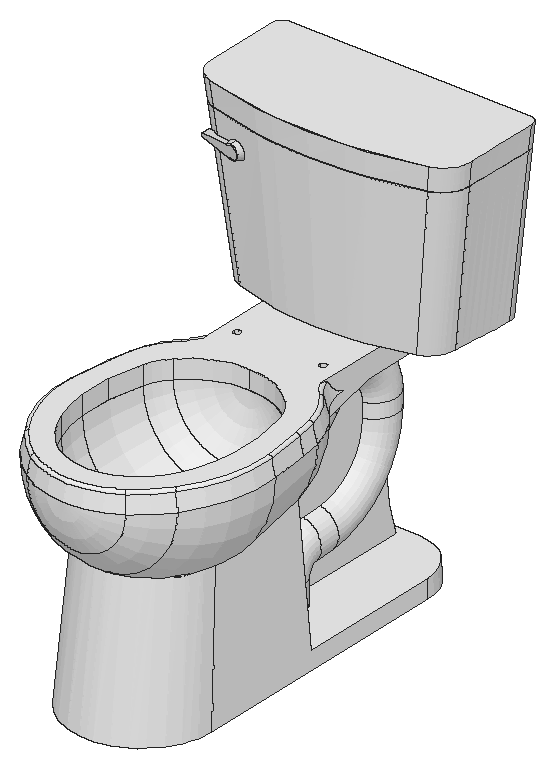
Revit family "Plumbing-Pressure-Assist-Water-Closet-Sloan-Valve-WETS-80298018z", category Plumbing Fixtures, host Face, Revit 2021
Family settings
  Host = Face
  Round Connector Dimension = Use Diameter
  Part Type = Normal
  OmniClass Number = 23.45.05.21.11.11
  OmniClass Title = Water Operated Water Closets
  Cut with Voids When Loaded = No
  Shared = No
  Room Calculation Point = No
Parameters (values of type "WETS-8029.8018-STG")
  Width = 18 1/4"  # constant formula
  Water Closet Code = "2178029"
  Valve Pressure Drop = 0.00 psi
  Tank Code = "2108018"
  Sanitary Drain Connector Description = "Sanitary Drain Connector d2 1/8\""
  Sanitary Drain Connection Diameter = 2 1/8"  # constant formula
  Real Distance to Wall [instance] = if(Distance to Wall < 3/4", 3/4", Distance to Wall)  # 3/4"
  Waste Connection = yes
  WFU = 10
  Vent Connection = yes
  URL = "www.sloanvalve.com"
  Product data url = "https://bimobject.com/sloan_valve/product/pressure-assist-water-closets_sloan_wets-80298018"
  Product Material = Sloan Valve - Vitreous China - SloanTec Glaze White
  Product Guid = ""
  Part Number = "WETS-8029.8018-STG"
  Model = "WETS-8029.8018-STG"
  Minimum Static Pressure = "20 PSI (138 kPa)"  # constant formula
  Maximum Static Pressure = "80 PSI (552 kPa)"  # constant formula
  Manufacturer = "Sloan Valve"  # constant formula
  Keynote = "15410"
  Height = 29 5/8"  # constant formula
  HWFU = 0
  HW Connection = yes
  Flush Rate = "0.75 gpf (2.84 Lpf)"
  Depth = 30 3/8"  # constant formula
  Cold Water Connector Description = "Cold Water Connector d1/2\""
  Cold Water Connection Diameter = 1/2"  # constant formula
  Edition number = 1
  Distance to Wall [instance] = 3/4"
  Description = "Floor-Mounted 0.75 gpf (2.84 Lpf) ADA 12\" Rough-in Pressure-Assisted/Tank Toilet with SloanTec® Glaze."
  Default Elevation = 0"
  CWFU = 10
  CW Connection = yes
  Assembly Code = "D2010"
  ADA Compliant [instance] = 1 = 1  # yes
Reference planes
  plane 1 "Center (Front/Back)": y = 0
  plane 2: z = 0
  plane 3 "Center (Left/Right)": x = 0
  plane 4: x = -201.612
  plane 5: x = 201.613
  plane 6: y = -762.786
  plane 7: y = -19.05
  plane 8: x = -201.612
  plane 9: x = 201.613
  plane 10: y = -762.786
  plane 11: y = -19.05
Forms (mm)
  Blend 1, solid, material "Sloan Valve - Vitreous China - SloanTec Glaze White" <- "Product Material"
    base sketch origin (0, 0, 38.1) x (1, 0, 0) y (0, 1, 0)
      loop
        arc (-34.925, -45.045) -> (-97.787, -71.084) -> (-123.825, -133.945) r 88.9
        line (-123.825, -133.945) -> (-123.825, -615.95)
        arc (-123.825, -615.95) -> (0, -739.775) -> (123.825, -615.95) r 123.825
        line (123.825, -615.95) -> (123.825, -133.945)
        arc (123.825, -133.945) -> (97.787, -71.084) -> (34.925, -45.045) r 88.9
        line (34.925, -45.045) -> (-34.925, -45.045)
    top sketch origin (0, 0, 38.1) x (1, 0, 0) y (0, 1, 0)
      loop
        arc (-109.537, -584.301) -> (0, -693.838) -> (109.537, -584.301) r 109.537
        line (109.537, -584.301) -> (109.537, -133.945)
        arc (109.537, -133.945) -> (83.499, -71.084) -> (20.637, -45.045) r 88.9
        line (20.637, -45.045) -> (-20.637, -45.045)
        arc (-20.637, -45.045) -> (-83.499, -71.084) -> (-109.537, -133.945) r 88.9
        line (-109.537, -133.945) -> (-109.537, -584.301)
    from -38.1 to 312.058
  Extrusion 2, solid, material "Sloan Valve - Vitreous China - SloanTec Glaze White" <- "Product Material"
    sketch origin (0, 0, 12.7) x (0, 1, 0) y (0, 0, 1)
      loop
        line (-369.05, 348.14) -> (-241.882, 379.846) -> (-70.211, 379.846) -> (-64.931, 440.2) -> (-185.947, 440.2)
        arc (-185.947, 440.2) -> (-192.127, 425.28) -> (-207.047, 419.1) r 21.1
        line (-207.047, 419.1) -> (-369.05, 419.1) -> (-369.05, 348.14)
    from -104.047 to 104.047
  Sweep 3, solid, material "Sloan Valve - Vitreous China - SloanTec Glaze White" <- "Product Material"
    path origin (0, 0, 38.1) x (0, 1, 0) y (0, 0, 1)
      loop
        line (-304.8, -38.1) -> (-304.8, 30.289)
        arc (-304.8, 30.289) -> (-293.174, 59.429) -> (-264.682, 72.564) r 42.333
        line (-264.682, 72.564) -> (-226.487, 74.566)
        arc (-226.487, 74.566) -> (-134.627, 116.914) -> (-97.145, 210.864) r 136.485
        line (-97.145, 210.864) -> (-97.145, 236.948)
        arc (-97.145, 236.948) -> (-144.28, 307.387) -> (-227.373, 290.682) r 76.2
        arc (-227.373, 290.682) -> (-233.15, 284.615) -> (-238.657, 278.301) r 192.236
        arc (-238.657, 278.301) -> (-334.604, 206.706) -> (-452.54, 186.145) r 257.901
    profile origin (0, -304.8, 34.195) x (0, -1, 0) y (1, 0, 0)
      loop
        circle (0, 0) r 38.1
  Extrusion 4, solid, material "Sloan Valve - Vitreous China - SloanTec Glaze White" <- "Product Material"
    sketch origin (22.443, 0, 38.1) x (0, 1, 0) y (0, 0, 1)
      loop
        line (-68.2, 389.4) -> (-235.377, 389.4) -> (-261.569, 382.87) -> (-496.95, 175.082) -> (-480.799, -9.525) -> (-58.189, -9.525)
        arc (-58.189, -9.525) -> (-82.15, 106.794) -> (-68.088, 224.72) r 370.607
        arc (-68.088, 224.72) -> (-59.936, 265.377) -> (-58.507, 306.818) r 254
        arc (-58.507, 306.818) -> (-61.916, 348.278) -> (-68.2, 389.4) r 598.021
    from -28.793 to -16.093
  Extrusion 5, solid, not visible
    sketch origin (0, 0, 0) x (1, 0, 0) y (0, 0, 1)
      loop
        circle (-152.4, 254) r 6.35
    from 0 to 0.794
  Blend 6, solid, material "Sloan Valve - Vitreous China - SloanTec Glaze White" <- "Product Material"
    base sketch origin (0, 0.822, 430.81) x (1, 0, 0) y (0, 1, 0)
      loop
        line (-196.16, -48.519) -> (-186.739, -156.202)
        arc (-186.739, -156.202) -> (-176.518, -182.59) -> (-153.766, -199.416) r 50.8
        arc (-153.766, -199.416) -> (0, -226.96) -> (153.766, -199.416) r 442.975
        arc (153.766, -199.416) -> (176.518, -182.59) -> (186.739, -156.202) r 50.8
        line (186.739, -156.202) -> (196.16, -48.519)
        arc (196.16, -48.519) -> (191.227, -33.989) -> (177.182, -27.809) r 19.05
        line (177.182, -27.809) -> (-177.182, -27.809)
        arc (-177.182, -27.809) -> (-191.227, -33.989) -> (-196.16, -48.519) r 19.05
    top sketch origin (0, 0.822, 430.81) x (1, 0, 0) y (0, 1, 0)
      loop
        arc (-212.725, -19.872) -> (-226.195, -25.451) -> (-231.775, -38.922) r 19.05
        line (-231.775, -38.922) -> (-231.775, -172.47)
        arc (-231.775, -172.47) -> (-221.507, -203.094) -> (-194.854, -221.338) r 50.8
        arc (-194.854, -221.338) -> (0, -248.472) -> (194.854, -221.338) r 713.209
        arc (194.854, -221.338) -> (221.507, -203.094) -> (231.775, -172.47) r 50.8
        line (231.775, -172.47) -> (231.775, -38.922)
        arc (231.775, -38.922) -> (226.195, -25.451) -> (212.725, -19.872) r 19.05
        line (212.725, -19.872) -> (-212.725, -19.872)
    from -37.11 to 321.665
  Extrusion 7, solid, material "Sloan Valve - Finish - Polished Chrome"
    sketch origin (-20.292, -269.587, 924.407) x (-0.97881, 0.203994, 0.017847) y (0, 0.087156, -0.996195)
      loop
        line (127, 257.261) -> (188.747, 261.579)
        arc (188.747, 261.579) -> (192.467, 265.466) -> (188.955, 269.542) r 4.001
        line (188.955, 269.542) -> (127, 277.149) -> (127, 257.261)
    from 0 to 12.7
  Revolve 8, solid, material "Sloan Valve - Finish - Polished Chrome"
    sketch origin (-369.854, -1316.287, 832.833) x (-0.204773, -0.975085, -0.085309) y (0, 0.087156, -0.996195)
      loop
        line (-1100.014, 265.639) -> (-1087.314, 265.639) -> (-1087.314, 277.803) -> (-1087.756, 278.482) -> (-1100.014, 282.465) -> (-1100.014, 265.639)
      axis (-1100.014, 265.639) -> (-1087.314, 265.639)
    angle from 0 to 360
  Revolve 9, solid, material "Sloan Valve - Vitreous China - SloanTec Glaze White" <- "Product Material"
    sketch origin (0, -107.509, 398.463) x (1, 0, 0) y (0, 1, 0)
      loop
        line (0, -683.066) -> (0, -633.619)
        arc (0, -633.619) -> (-54.455, -620.155) -> (-96.361, -582.866) r 116.854
        arc (-96.361, -582.866) -> (-108.844, -562.27) -> (-118.928, -540.399) r 213.603
        arc (-118.928, -540.399) -> (-129.044, -507.813) -> (-134.203, -474.085) r 228.843
        arc (-134.203, -474.085) -> (-133.643, -413.542) -> (-122.68, -353.997) r 350.763
        arc (-122.68, -353.997) -> (-114.097, -332.991) -> (-100.788, -314.61) r 95.25
        arc (-100.788, -314.61) -> (-55.004, -282.028) -> (0, -270.524) r 137.251
        line (0, -270.524) -> (0, -209.239)
        arc (0, -209.239) -> (-18.194, -209.694) -> (-36.342, -211.057) r 364.157
        arc (-36.342, -211.057) -> (-122.715, -249.087) -> (-170.133, -330.684) r 152.4
        arc (-170.133, -330.684) -> (-180.229, -386.679) -> (-186.583, -443.221) r 855.912
        arc (-186.583, -443.221) -> (-178.018, -528.288) -> (-140.189, -604.962) r 240.102
        arc (-140.189, -604.962) -> (-116.352, -632.223) -> (-88.426, -655.277) r 223.457
        arc (-88.426, -655.277) -> (-46.345, -675.956) -> (0, -683.066) r 154.581
      axis (0, -209.239) -> (0, -683.066)
    angle from 0 to 180
  Extrusion 10, solid, material "Sloan Valve - Vitreous China - SloanTec Glaze White" <- "Product Material"
    sketch origin (0, -122.297, 36.415) x (1, 0, 0) y (0, 0, 1)
      loop
        arc (57.698, 221.011) -> (0.981, 212.195) -> (-56.307, 215.748) r 266.082
        line (-56.307, 215.748) -> (-39.243, 151.174)
        arc (-39.243, 151.174) -> (0, 120.954) -> (39.243, 151.174) r 40.59
        line (39.243, 151.174) -> (57.698, 221.011)
    from 346.299 to 429.496
  Blend 11, solid, material "Sloan Valve - Vitreous China - SloanTec Glaze White" <- "Product Material"
    base sketch origin (0, -108.545, 413.2) x (1, 0, 0) y (0, 0, 1)
      loop
        line (25.325, -14.42) -> (-25.325, -14.42) -> (-25.325, -20.654)
        arc (-25.325, -20.654) -> (0, -45.979) -> (25.325, -20.654) r 25.325
        line (25.325, -20.654) -> (25.325, -14.42)
    top sketch origin (0, -108.545, 413.2) x (1, 0, 0) y (0, 0, 1)
      loop
        line (46.038, -14.42) -> (-46.037, -14.42) -> (-46.037, -23.887)
        arc (-46.037, -23.887) -> (0, -69.925) -> (46.038, -23.887) r 46.037
        line (46.038, -23.887) -> (46.038, -14.42)
    from 129.035 to 108.105
  Blend 12, solid, material "Sloan Valve - Vitreous China - SloanTec Glaze White" <- "Product Material"
    base sketch origin (0, -108.545, 413.2) x (1, 0, 0) y (0, 0, 1)
      loop
        line (46.038, -14.42) -> (-46.037, -14.42) -> (-46.037, -23.887)
        arc (-46.037, -23.887) -> (0, -69.925) -> (46.038, -23.887) r 46.037
        line (46.038, -23.887) -> (46.038, -14.42)
    top sketch origin (0, -108.545, 413.2) x (1, 0, 0) y (0, 0, 1)
      loop
        line (46.038, -14.42) -> (-46.037, -14.42) -> (-46.037, -43.731)
        arc (-46.037, -43.731) -> (0, -89.769) -> (46.038, -43.731) r 46.038
        line (46.038, -43.731) -> (46.038, -14.42)
    from 108.105 to 38.1
  Sweep 13, solid, material "Sloan Valve - Vitreous China - SloanTec Glaze White" <- "Product Material"
    path origin (0, -122.297, 38.1) x (0, 1, 0) y (0, 0, 1)
      loop
        arc (-352.549, 201.173) -> (-327.484, 201.16) -> (-302.744, 205.182) r 155.194
        arc (-302.744, 205.182) -> (-278.132, 217.142) -> (-260.549, 238.11) r 65.532
        arc (-260.549, 238.11) -> (-246.125, 268.805) -> (-234.718, 300.744) r 352.298
        arc (-234.718, 300.744) -> (-234.446, 301.431) -> (-234.066, 302.064) r 4.499
        arc (-234.066, 302.064) -> (-210.936, 321.963) -> (-181.277, 329.121) r 65.024
        line (-181.277, 329.121) -> (-115.283, 329.121)
    profile origin (0, -270.577, 367.221) x (0, 0, 1) y (1, 0, 0)
      loop
        line (25.325, -25.325) -> (25.325, 25.325)
        arc (25.325, 25.325) -> (0, 0) -> (25.325, -25.325) r 25.325
  Sweep 14, solid, material "Sloan Valve - Vitreous China - SloanTec Glaze White" <- "Product Material"
    path origin (0, 0, 38.1) x (1, 0, 0) y (0, 1, 0)
      loop
        line (-104.047, -185.947) -> (-104.047, -295.646)
        arc (-104.047, -295.646) -> (-111.251, -333.222) -> (-131.841, -365.47) r 101.6
        arc (-131.841, -365.47) -> (-155.982, -399.201) -> (-170.133, -438.192) r 152.4
        arc (-170.133, -438.192) -> (-174.125, -457.895) -> (-177.652, -477.686) r 855.912
        arc (-177.652, -477.686) -> (-182.903, -514.112) -> (-186.583, -550.729) r 855.912
        arc (-186.583, -550.729) -> (-178.018, -635.797) -> (-140.189, -712.47) r 240.102
        arc (-140.189, -712.47) -> (-116.352, -739.732) -> (-88.426, -762.786) r 223.457
        arc (-88.426, -762.786) -> (0, -790.575) -> (88.426, -762.786) r 154.581
        arc (88.426, -762.786) -> (116.352, -739.732) -> (140.189, -712.47) r 223.457
        arc (140.189, -712.47) -> (178.018, -635.797) -> (186.583, -550.729) r 240.102
        arc (186.583, -550.729) -> (182.903, -514.112) -> (177.652, -477.686) r 855.912
        arc (177.652, -477.686) -> (174.125, -457.895) -> (170.133, -438.192) r 855.912
        arc (170.133, -438.192) -> (155.982, -399.201) -> (131.841, -365.47) r 152.4
        arc (131.841, -365.47) -> (111.251, -333.222) -> (104.047, -295.646) r 101.6
        line (104.047, -295.646) -> (104.047, -185.947)
    profile origin (0, -790.575, 38.1) x (0, 1, 0) y (0, 0, 1)
      loop
        line (0, 360.362) -> (18.191, 360.362) -> (18.191, 393.7) -> (12.748, 393.7)
        arc (12.748, 393.7) -> (8.795, 392.32) -> (6.56, 388.778) r 6.35
        line (6.56, 388.778) -> (0, 360.362)
  Extrusion 15, void
    sketch origin (0, 0, 38.1) x (1, 0, 0) y (0, 1, 0)
      loop
        arc (118.928, -647.907) -> (129.044, -615.321) -> (134.203, -581.593) r 228.843
        arc (134.203, -581.593) -> (135.243, -552.98) -> (133.946, -524.377) r 350.763
        arc (133.946, -524.377) -> (129.747, -492.684) -> (122.68, -461.506) r 350.763
        arc (122.68, -461.506) -> (114.097, -440.499) -> (100.788, -422.119) r 95.25
        arc (100.788, -422.119) -> (55.004, -389.536) -> (0, -378.032) r 137.251
        arc (0, -378.032) -> (-55.004, -389.536) -> (-100.788, -422.119) r 137.251
        arc (-100.788, -422.119) -> (-114.097, -440.499) -> (-122.68, -461.506) r 95.25
        arc (-122.68, -461.506) -> (-129.747, -492.684) -> (-133.946, -524.377) r 350.763
        arc (-133.946, -524.377) -> (-135.243, -552.98) -> (-134.203, -581.593) r 350.763
        arc (-134.203, -581.593) -> (-129.044, -615.321) -> (-118.928, -647.907) r 228.843
        arc (-118.928, -647.907) -> (-108.844, -669.778) -> (-96.361, -690.375) r 213.603
        arc (-96.361, -690.375) -> (-54.455, -727.664) -> (0, -741.127) r 116.854
        arc (0, -741.127) -> (54.455, -727.664) -> (96.361, -690.375) r 116.854
        arc (96.361, -690.375) -> (108.844, -669.778) -> (118.928, -647.907) r 213.603
    from 360.362 to 393.7
  Extrusion 16, solid, material "Sloan Valve - Vitreous China - SloanTec Glaze White" <- "Product Material"
    sketch origin (0, 0, 38.1) x (1, 0, 0) y (0, 1, 0)
      loop
        arc (-168.448, -552.159) -> (-160.532, -630.781) -> (-125.569, -701.646) r 221.912
        arc (-125.569, -701.646) -> (-103.673, -726.688) -> (-78.02, -747.865) r 205.266
        arc (-78.02, -747.865) -> (0, -772.384) -> (78.02, -747.865) r 136.39
        arc (78.02, -747.865) -> (103.673, -726.688) -> (125.569, -701.646) r 205.266
        arc (125.569, -701.646) -> (160.532, -630.781) -> (168.448, -552.159) r 221.912
        arc (168.448, -552.159) -> (164.847, -516.319) -> (159.708, -480.668) r 837.721
        arc (159.708, -480.668) -> (156.255, -461.297) -> (152.348, -442.013) r 837.721
        arc (152.348, -442.013) -> (139.886, -407.676) -> (118.627, -377.971) r 134.209
        arc (118.627, -377.971) -> (110.867, -368.903) -> (104.047, -359.107) r 119.791
        line (104.047, -359.107) -> (104.047, -369.05) -> (-104.047, -369.05) -> (-104.047, -359.107)
        arc (-104.047, -359.107) -> (-110.867, -368.903) -> (-118.627, -377.971) r 119.791
        arc (-118.627, -377.971) -> (-139.886, -407.676) -> (-152.348, -442.013) r 134.209
        arc (-152.348, -442.013) -> (-156.255, -461.297) -> (-159.708, -480.668) r 837.721
        arc (-159.708, -480.668) -> (-164.847, -516.319) -> (-168.448, -552.159) r 837.721
    from 360.362 to 393.7
  Extrusion 17, void
    sketch origin (0, 0, 38.1) x (0, 1, 0) y (0, 0, 1)
      loop
        line (-419.1, 368.114) -> (-392.915, -6.35) -> (-10.202, -6.35) -> (-10.202, 368.114) -> (-419.1, 368.114)
    from -219.74 to 304.8
  Revolve 18, void
    sketch origin (0, -107.509, 398.463) x (1, 0, 0) y (0, 1, 0)
      loop
        line (0, -639.969) -> (0, -264.174)
        arc (0, -264.174) -> (-57.549, -276.21) -> (-105.451, -310.3) r 143.601
        arc (-105.451, -310.3) -> (-119.647, -329.906) -> (-128.802, -352.313) r 101.6
        arc (-128.802, -352.313) -> (-139.964, -412.935) -> (-140.534, -474.574) r 357.113
        arc (-140.534, -474.574) -> (-135.232, -509.238) -> (-124.835, -542.728) r 235.193
        arc (-124.835, -542.728) -> (-114.451, -565.249) -> (-101.598, -586.458) r 219.953
        arc (-101.598, -586.458) -> (-57.414, -625.773) -> (0, -639.969) r 123.204
      axis (0, -264.174) -> (0, -639.969)
    angle from 0 to 180
  Extrusion 19, void
    sketch origin (0, 0, 38.1) x (1, 0, 0) y (0, 1, 0)
      loop
        circle (-76.2, -307.975) r 6.35
      loop
        circle (76.2, -307.975) r 6.35
    from 341.312 to 499.954
  Extrusion 20, void
    sketch origin (0, 0, 31.75) x (1, 0, 0) y (0, 1, 0)
      loop
        arc (-212.725, -19.05) -> (-226.195, -24.63) -> (-231.775, -38.1) r 19.05
        line (-231.775, -38.1) -> (-231.775, -171.649)
        arc (-231.775, -171.649) -> (-221.507, -202.272) -> (-194.854, -220.516) r 50.8
        arc (-194.854, -220.516) -> (0, -247.65) -> (194.854, -220.516) r 713.209
        arc (194.854, -220.516) -> (221.507, -202.272) -> (231.775, -171.649) r 50.8
        line (231.775, -171.649) -> (231.775, -38.1)
        arc (231.775, -38.1) -> (226.195, -24.63) -> (212.725, -19.05) r 19.05
        line (212.725, -19.05) -> (-212.725, -19.05)
      loop
        line (-225.425, -38.1) -> (-225.425, -171.649)
        arc (-225.425, -171.649) -> (-216.441, -198.444) -> (-193.119, -214.408) r 44.45
        arc (-193.119, -214.408) -> (0, -241.3) -> (193.119, -214.408) r 706.859
        arc (193.119, -214.408) -> (216.441, -198.444) -> (225.425, -171.649) r 44.45
        line (225.425, -171.649) -> (225.425, -38.1)
        arc (225.425, -38.1) -> (221.705, -29.12) -> (212.725, -25.4) r 12.7
        line (212.725, -25.4) -> (-212.725, -25.4)
        arc (-212.725, -25.4) -> (-221.705, -29.12) -> (-225.425, -38.1) r 12.7
    from 678.093 to 679.681
  Extrusion 21, void
    sketch origin (0, 0, 0) x (0, 1, 0) y (0, 0, 1)
      loop
        line (-292.887, 431.8) -> (-292.887, 381) -> (-19.05, 381) -> (-19.05, 431.8) -> (-292.887, 431.8)
    from -208.495 to 212.28
  Blend 22, solid, material "Sloan Valve - Vitreous China - SloanTec Glaze White" <- "Product Material", not visible
    base sketch origin (0, 0, 38.1) x (1, 0, 0) y (0, 1, 0)
      loop
        arc (-34.925, -45.045) -> (-97.787, -71.084) -> (-123.825, -133.945) r 88.9
        line (-123.825, -133.945) -> (-123.825, -615.95)
        arc (-123.825, -615.95) -> (0, -739.775) -> (123.825, -615.95) r 123.825
        line (123.825, -615.95) -> (123.825, -133.945)
        arc (123.825, -133.945) -> (97.787, -71.084) -> (34.925, -45.045) r 88.9
        line (34.925, -45.045) -> (-34.925, -45.045)
    top sketch origin (0, 0, 38.1) x (1, 0, 0) y (0, 1, 0)
      loop
        arc (-109.537, -584.301) -> (0, -693.838) -> (109.537, -584.301) r 109.537
        line (109.537, -584.301) -> (109.537, -133.945)
        arc (109.537, -133.945) -> (83.499, -71.084) -> (20.637, -45.045) r 88.9
        line (20.637, -45.045) -> (-20.637, -45.045)
        arc (-20.637, -45.045) -> (-83.499, -71.084) -> (-109.537, -133.945) r 88.9
        line (-109.537, -133.945) -> (-109.537, -584.301)
    from -38.1 to 312.058
  Extrusion 23, solid, material "Sloan Valve - Vitreous China - SloanTec Glaze White" <- "Product Material", not visible
    sketch origin (0, 0, 12.7) x (0, 1, 0) y (0, 0, 1)
      loop
        line (-369.05, 348.14) -> (-241.882, 379.846) -> (-70.211, 379.846) -> (-64.931, 440.2) -> (-185.947, 440.2)
        arc (-185.947, 440.2) -> (-192.127, 425.28) -> (-207.047, 419.1) r 21.1
        line (-207.047, 419.1) -> (-369.05, 419.1) -> (-369.05, 348.14)
    from -104.047 to 104.047
  Sweep 24, solid, material "Sloan Valve - Vitreous China - SloanTec Glaze White" <- "Product Material", not visible
    path origin (0, 0, 38.1) x (0, 1, 0) y (0, 0, 1)
      loop
        line (-304.8, -38.1) -> (-304.8, 30.289)
        arc (-304.8, 30.289) -> (-293.174, 59.429) -> (-264.682, 72.564) r 42.333
        line (-264.682, 72.564) -> (-226.487, 74.566)
        arc (-226.487, 74.566) -> (-134.627, 116.914) -> (-97.145, 210.864) r 136.485
        line (-97.145, 210.864) -> (-97.145, 236.948)
        arc (-97.145, 236.948) -> (-144.28, 307.387) -> (-227.373, 290.682) r 76.2
        arc (-227.373, 290.682) -> (-233.15, 284.615) -> (-238.657, 278.301) r 192.236
        arc (-238.657, 278.301) -> (-334.604, 206.706) -> (-452.54, 186.145) r 257.901
    profile origin (0, -304.8, 34.195) x (0, -1, 0) y (1, 0, 0)
      loop
        circle (0, 0) r 38.1
  Extrusion 25, solid, material "Sloan Valve - Vitreous China - SloanTec Glaze White" <- "Product Material", not visible
    sketch origin (22.443, 0, 38.1) x (0, 1, 0) y (0, 0, 1)
      loop
        line (-68.2, 389.4) -> (-235.377, 389.4) -> (-261.569, 382.87) -> (-496.95, 175.082) -> (-480.799, -9.525) -> (-58.189, -9.525)
        arc (-58.189, -9.525) -> (-82.15, 106.794) -> (-68.088, 224.72) r 370.607
        arc (-68.088, 224.72) -> (-59.936, 265.377) -> (-58.507, 306.818) r 254
        arc (-58.507, 306.818) -> (-61.916, 348.278) -> (-68.2, 389.4) r 598.021
    from -28.793 to -16.093
  Blend 26, solid, material "Sloan Valve - Vitreous China - SloanTec Glaze White" <- "Product Material", not visible
    base sketch origin (0, 0.822, 430.81) x (1, 0, 0) y (0, 1, 0)
      loop
        line (-196.16, -48.519) -> (-186.739, -156.202)
        arc (-186.739, -156.202) -> (-176.518, -182.59) -> (-153.766, -199.416) r 50.8
        arc (-153.766, -199.416) -> (0, -226.96) -> (153.766, -199.416) r 442.975
        arc (153.766, -199.416) -> (176.518, -182.59) -> (186.739, -156.202) r 50.8
        line (186.739, -156.202) -> (196.16, -48.519)
        arc (196.16, -48.519) -> (191.227, -33.989) -> (177.182, -27.809) r 19.05
        line (177.182, -27.809) -> (-177.182, -27.809)
        arc (-177.182, -27.809) -> (-191.227, -33.989) -> (-196.16, -48.519) r 19.05
    top sketch origin (0, 0.822, 430.81) x (1, 0, 0) y (0, 1, 0)
      loop
        arc (-212.725, -19.872) -> (-226.195, -25.451) -> (-231.775, -38.922) r 19.05
        line (-231.775, -38.922) -> (-231.775, -172.47)
        arc (-231.775, -172.47) -> (-221.507, -203.094) -> (-194.854, -221.338) r 50.8
        arc (-194.854, -221.338) -> (0, -248.472) -> (194.854, -221.338) r 713.209
        arc (194.854, -221.338) -> (221.507, -203.094) -> (231.775, -172.47) r 50.8
        line (231.775, -172.47) -> (231.775, -38.922)
        arc (231.775, -38.922) -> (226.195, -25.451) -> (212.725, -19.872) r 19.05
        line (212.725, -19.872) -> (-212.725, -19.872)
    from -37.11 to 321.665
  Extrusion 27, solid, material "Sloan Valve - Finish - Polished Chrome", not visible
    sketch origin (-20.292, -269.587, 924.407) x (-0.97881, 0.203994, 0.017847) y (0, 0.087156, -0.996195)
      loop
        line (127, 257.261) -> (188.747, 261.579)
        arc (188.747, 261.579) -> (192.467, 265.466) -> (188.955, 269.542) r 4.001
        line (188.955, 269.542) -> (127, 277.149) -> (127, 257.261)
    from 0 to 12.7
  Revolve 28, solid, material "Sloan Valve - Finish - Polished Chrome", not visible
    sketch origin (-369.854, -1316.287, 832.833) x (-0.204773, -0.975085, -0.085309) y (0, 0.087156, -0.996195)
      loop
        line (-1100.014, 265.639) -> (-1087.314, 265.639) -> (-1087.314, 277.803) -> (-1087.756, 278.482) -> (-1100.014, 282.465) -> (-1100.014, 265.639)
      axis (-1100.014, 265.639) -> (-1087.314, 265.639)
    angle from 0 to 360
  Revolve 29, solid, material "Sloan Valve - Vitreous China - SloanTec Glaze White" <- "Product Material", not visible
    sketch origin (0, -107.509, 398.463) x (1, 0, 0) y (0, 1, 0)
      loop
        line (0, -683.066) -> (0, -633.619)
        arc (0, -633.619) -> (-54.455, -620.155) -> (-96.361, -582.866) r 116.854
        arc (-96.361, -582.866) -> (-108.844, -562.27) -> (-118.928, -540.399) r 213.603
        arc (-118.928, -540.399) -> (-129.044, -507.813) -> (-134.203, -474.085) r 228.843
        arc (-134.203, -474.085) -> (-133.643, -413.542) -> (-122.68, -353.997) r 350.763
        arc (-122.68, -353.997) -> (-114.097, -332.991) -> (-100.788, -314.61) r 95.25
        arc (-100.788, -314.61) -> (-55.004, -282.028) -> (0, -270.524) r 137.251
        line (0, -270.524) -> (0, -209.239)
        arc (0, -209.239) -> (-18.194, -209.694) -> (-36.342, -211.057) r 364.157
        arc (-36.342, -211.057) -> (-122.715, -249.087) -> (-170.133, -330.684) r 152.4
        arc (-170.133, -330.684) -> (-180.229, -386.679) -> (-186.583, -443.221) r 855.912
        arc (-186.583, -443.221) -> (-178.018, -528.288) -> (-140.189, -604.962) r 240.102
        arc (-140.189, -604.962) -> (-116.352, -632.223) -> (-88.426, -655.277) r 223.457
        arc (-88.426, -655.277) -> (-46.345, -675.956) -> (0, -683.066) r 154.581
      axis (0, -209.239) -> (0, -683.066)
    angle from 0 to 180
  Extrusion 30, solid, material "Sloan Valve - Vitreous China - SloanTec Glaze White" <- "Product Material", not visible
    sketch origin (0, -122.297, 36.415) x (1, 0, 0) y (0, 0, 1)
      loop
        arc (57.698, 221.011) -> (0.981, 212.195) -> (-56.307, 215.748) r 266.082
        line (-56.307, 215.748) -> (-39.243, 151.174)
        arc (-39.243, 151.174) -> (0, 120.954) -> (39.243, 151.174) r 40.59
        line (39.243, 151.174) -> (57.698, 221.011)
    from 346.299 to 429.496
  Blend 31, solid, material "Sloan Valve - Vitreous China - SloanTec Glaze White" <- "Product Material", not visible
    base sketch origin (0, -108.545, 413.2) x (1, 0, 0) y (0, 0, 1)
      loop
        line (25.325, -14.42) -> (-25.325, -14.42) -> (-25.325, -20.654)
        arc (-25.325, -20.654) -> (0, -45.979) -> (25.325, -20.654) r 25.325
        line (25.325, -20.654) -> (25.325, -14.42)
    top sketch origin (0, -108.545, 413.2) x (1, 0, 0) y (0, 0, 1)
      loop
        line (46.038, -14.42) -> (-46.037, -14.42) -> (-46.037, -23.887)
        arc (-46.037, -23.887) -> (0, -69.925) -> (46.038, -23.887) r 46.037
        line (46.038, -23.887) -> (46.038, -14.42)
    from 129.035 to 108.105
  Blend 32, solid, material "Sloan Valve - Vitreous China - SloanTec Glaze White" <- "Product Material", not visible
    base sketch origin (0, -108.545, 413.2) x (1, 0, 0) y (0, 0, 1)
      loop
        line (46.038, -14.42) -> (-46.037, -14.42) -> (-46.037, -23.887)
        arc (-46.037, -23.887) -> (0, -69.925) -> (46.038, -23.887) r 46.037
        line (46.038, -23.887) -> (46.038, -14.42)
    top sketch origin (0, -108.545, 413.2) x (1, 0, 0) y (0, 0, 1)
      loop
        line (46.038, -14.42) -> (-46.037, -14.42) -> (-46.037, -43.731)
        arc (-46.037, -43.731) -> (0, -89.769) -> (46.038, -43.731) r 46.038
        line (46.038, -43.731) -> (46.038, -14.42)
    from 108.105 to 38.1
  Sweep 33, solid, material "Sloan Valve - Vitreous China - SloanTec Glaze White" <- "Product Material", not visible
    path origin (0, -122.297, 38.1) x (0, 1, 0) y (0, 0, 1)
      loop
        arc (-352.549, 201.173) -> (-327.484, 201.16) -> (-302.744, 205.182) r 155.194
        arc (-302.744, 205.182) -> (-278.132, 217.142) -> (-260.549, 238.11) r 65.532
        arc (-260.549, 238.11) -> (-246.125, 268.805) -> (-234.718, 300.744) r 352.298
        arc (-234.718, 300.744) -> (-234.446, 301.431) -> (-234.066, 302.064) r 4.499
        arc (-234.066, 302.064) -> (-210.936, 321.963) -> (-181.277, 329.121) r 65.024
        line (-181.277, 329.121) -> (-115.283, 329.121)
    profile origin (0, -270.577, 367.221) x (0, 0, 1) y (1, 0, 0)
      loop
        line (25.325, -25.325) -> (25.325, 25.325)
        arc (25.325, 25.325) -> (0, 0) -> (25.325, -25.325) r 25.325
  Sweep 34, solid, material "Sloan Valve - Vitreous China - SloanTec Glaze White" <- "Product Material", not visible
    path origin (0, 0, 38.1) x (1, 0, 0) y (0, 1, 0)
      loop
        line (-104.047, -185.947) -> (-104.047, -295.646)
        arc (-104.047, -295.646) -> (-111.251, -333.222) -> (-131.841, -365.47) r 101.6
        arc (-131.841, -365.47) -> (-155.982, -399.201) -> (-170.133, -438.192) r 152.4
        arc (-170.133, -438.192) -> (-174.125, -457.895) -> (-177.652, -477.686) r 855.912
        arc (-177.652, -477.686) -> (-182.903, -514.112) -> (-186.583, -550.729) r 855.912
        arc (-186.583, -550.729) -> (-178.018, -635.797) -> (-140.189, -712.47) r 240.102
        arc (-140.189, -712.47) -> (-116.352, -739.732) -> (-88.426, -762.786) r 223.457
        arc (-88.426, -762.786) -> (0, -790.575) -> (88.426, -762.786) r 154.581
        arc (88.426, -762.786) -> (116.352, -739.732) -> (140.189, -712.47) r 223.457
        arc (140.189, -712.47) -> (178.018, -635.797) -> (186.583, -550.729) r 240.102
        arc (186.583, -550.729) -> (182.903, -514.112) -> (177.652, -477.686) r 855.912
        arc (177.652, -477.686) -> (174.125, -457.895) -> (170.133, -438.192) r 855.912
        arc (170.133, -438.192) -> (155.982, -399.201) -> (131.841, -365.47) r 152.4
        arc (131.841, -365.47) -> (111.251, -333.222) -> (104.047, -295.646) r 101.6
        line (104.047, -295.646) -> (104.047, -185.947)
    profile origin (0, -790.575, 38.1) x (0, 1, 0) y (0, 0, 1)
      loop
        line (0, 360.362) -> (18.191, 360.362) -> (18.191, 393.7) -> (12.748, 393.7)
        arc (12.748, 393.7) -> (8.795, 392.32) -> (6.56, 388.778) r 6.35
        line (6.56, 388.778) -> (0, 360.362)
  Extrusion 35, void, not visible
    sketch origin (0, 0, 38.1) x (1, 0, 0) y (0, 1, 0)
      loop
        arc (118.928, -647.907) -> (129.044, -615.321) -> (134.203, -581.593) r 228.843
        arc (134.203, -581.593) -> (135.243, -552.98) -> (133.946, -524.377) r 350.763
        arc (133.946, -524.377) -> (129.747, -492.684) -> (122.68, -461.506) r 350.763
        arc (122.68, -461.506) -> (114.097, -440.499) -> (100.788, -422.119) r 95.25
        arc (100.788, -422.119) -> (55.004, -389.536) -> (0, -378.032) r 137.251
        arc (0, -378.032) -> (-55.004, -389.536) -> (-100.788, -422.119) r 137.251
        arc (-100.788, -422.119) -> (-114.097, -440.499) -> (-122.68, -461.506) r 95.25
        arc (-122.68, -461.506) -> (-129.747, -492.684) -> (-133.946, -524.377) r 350.763
        arc (-133.946, -524.377) -> (-135.243, -552.98) -> (-134.203, -581.593) r 350.763
        arc (-134.203, -581.593) -> (-129.044, -615.321) -> (-118.928, -647.907) r 228.843
        arc (-118.928, -647.907) -> (-108.844, -669.778) -> (-96.361, -690.375) r 213.603
        arc (-96.361, -690.375) -> (-54.455, -727.664) -> (0, -741.127) r 116.854
        arc (0, -741.127) -> (54.455, -727.664) -> (96.361, -690.375) r 116.854
        arc (96.361, -690.375) -> (108.844, -669.778) -> (118.928, -647.907) r 213.603
    from 360.362 to 393.7
  Extrusion 36, solid, material "Sloan Valve - Vitreous China - SloanTec Glaze White" <- "Product Material", not visible
    sketch origin (0, 0, 38.1) x (1, 0, 0) y (0, 1, 0)
      loop
        arc (-168.448, -552.159) -> (-160.532, -630.781) -> (-125.569, -701.646) r 221.912
        arc (-125.569, -701.646) -> (-103.673, -726.688) -> (-78.02, -747.865) r 205.266
        arc (-78.02, -747.865) -> (0, -772.384) -> (78.02, -747.865) r 136.39
        arc (78.02, -747.865) -> (103.673, -726.688) -> (125.569, -701.646) r 205.266
        arc (125.569, -701.646) -> (160.532, -630.781) -> (168.448, -552.159) r 221.912
        arc (168.448, -552.159) -> (164.847, -516.319) -> (159.708, -480.668) r 837.721
        arc (159.708, -480.668) -> (156.255, -461.297) -> (152.348, -442.013) r 837.721
        arc (152.348, -442.013) -> (139.886, -407.676) -> (118.627, -377.971) r 134.209
        arc (118.627, -377.971) -> (110.867, -368.903) -> (104.047, -359.107) r 119.791
        line (104.047, -359.107) -> (104.047, -369.05) -> (-104.047, -369.05) -> (-104.047, -359.107)
        arc (-104.047, -359.107) -> (-110.867, -368.903) -> (-118.627, -377.971) r 119.791
        arc (-118.627, -377.971) -> (-139.886, -407.676) -> (-152.348, -442.013) r 134.209
        arc (-152.348, -442.013) -> (-156.255, -461.297) -> (-159.708, -480.668) r 837.721
        arc (-159.708, -480.668) -> (-164.847, -516.319) -> (-168.448, -552.159) r 837.721
    from 360.362 to 393.7
  Extrusion 37, void, not visible
    sketch origin (0, 0, 38.1) x (0, 1, 0) y (0, 0, 1)
      loop
        line (-419.1, 368.114) -> (-392.915, -6.35) -> (-10.202, -6.35) -> (-10.202, 368.114) -> (-419.1, 368.114)
    from -219.74 to 304.8
  Revolve 38, void, not visible
    sketch origin (0, -107.509, 398.463) x (1, 0, 0) y (0, 1, 0)
      loop
        line (0, -639.969) -> (0, -264.174)
        arc (0, -264.174) -> (-57.549, -276.21) -> (-105.451, -310.3) r 143.601
        arc (-105.451, -310.3) -> (-119.647, -329.906) -> (-128.802, -352.313) r 101.6
        arc (-128.802, -352.313) -> (-139.964, -412.935) -> (-140.534, -474.574) r 357.113
        arc (-140.534, -474.574) -> (-135.232, -509.238) -> (-124.835, -542.728) r 235.193
        arc (-124.835, -542.728) -> (-114.451, -565.249) -> (-101.598, -586.458) r 219.953
        arc (-101.598, -586.458) -> (-57.414, -625.773) -> (0, -639.969) r 123.204
      axis (0, -264.174) -> (0, -639.969)
    angle from 0 to 180
  Extrusion 39, void, not visible
    sketch origin (0, 0, 38.1) x (1, 0, 0) y (0, 1, 0)
      loop
        circle (-76.2, -307.975) r 6.35
      loop
        circle (76.2, -307.975) r 6.35
    from 341.312 to 499.954
  Extrusion 40, void, not visible
    sketch origin (0, 0, 31.75) x (1, 0, 0) y (0, 1, 0)
      loop
        arc (-212.725, -19.05) -> (-226.195, -24.63) -> (-231.775, -38.1) r 19.05
        line (-231.775, -38.1) -> (-231.775, -171.649)
        arc (-231.775, -171.649) -> (-221.507, -202.272) -> (-194.854, -220.516) r 50.8
        arc (-194.854, -220.516) -> (0, -247.65) -> (194.854, -220.516) r 713.209
        arc (194.854, -220.516) -> (221.507, -202.272) -> (231.775, -171.649) r 50.8
        line (231.775, -171.649) -> (231.775, -38.1)
        arc (231.775, -38.1) -> (226.195, -24.63) -> (212.725, -19.05) r 19.05
        line (212.725, -19.05) -> (-212.725, -19.05)
      loop
        line (-225.425, -38.1) -> (-225.425, -171.649)
        arc (-225.425, -171.649) -> (-216.441, -198.444) -> (-193.119, -214.408) r 44.45
        arc (-193.119, -214.408) -> (0, -241.3) -> (193.119, -214.408) r 706.859
        arc (193.119, -214.408) -> (216.441, -198.444) -> (225.425, -171.649) r 44.45
        line (225.425, -171.649) -> (225.425, -38.1)
        arc (225.425, -38.1) -> (221.705, -29.12) -> (212.725, -25.4) r 12.7
        line (212.725, -25.4) -> (-212.725, -25.4)
        arc (-212.725, -25.4) -> (-221.705, -29.12) -> (-225.425, -38.1) r 12.7
    from 678.093 to 679.681
  Extrusion 41, void, not visible
    sketch origin (0, 0, 0) x (0, 1, 0) y (0, 0, 1)
      loop
        line (-292.887, 431.8) -> (-292.887, 381) -> (-19.05, 381) -> (-19.05, 431.8) -> (-292.887, 431.8)
    from -208.495 to 212.28
Cuts and joins
  joined: Extrusion 7, Revolve 8
  Extrusion 20, Extrusion 21 cuts Blend 6
  Extrusion 19 cuts Extrusion 2
  Extrusion 15 cuts Extrusion 16
  joined: Extrusion 2, Sweep 14, Extrusion 16
  Extrusion 17, Revolve 18 cuts Blend 1
Lines and regions (mm)
  Masking region 1
    outline origin (0, 0, 0) x (1, 0, 0) y (0, 1, 0)
      loop
        line (212.725, -19.05) -> (-212.725, -19.05)
        arc (-212.725, -19.05) -> (-226.195, -24.63) -> (-231.775, -38.1) r 19.05
        line (-231.775, -38.1) -> (-231.775, -171.649)
        arc (-231.775, -171.649) -> (-221.507, -202.272) -> (-194.854, -220.516) r 50.8
        arc (-194.854, -220.516) -> (-159.548, -229.575) -> (-123.825, -236.819) r 713.209
        line (-123.825, -236.819) -> (-123.825, -355.877)
        arc (-123.825, -355.877) -> (-127.686, -360.797) -> (-131.841, -365.47) r 101.6
        arc (-131.841, -365.47) -> (-155.982, -399.201) -> (-170.133, -438.192) r 152.4
        arc (-170.133, -438.192) -> (-174.125, -457.895) -> (-177.652, -477.686) r 855.912
        arc (-177.652, -477.686) -> (-182.903, -514.112) -> (-186.583, -550.729) r 855.912
        arc (-186.583, -550.729) -> (-178.018, -635.797) -> (-140.189, -712.47) r 240.102
        arc (-140.189, -712.47) -> (-116.352, -739.732) -> (-88.426, -762.786) r 223.457
        arc (-88.426, -762.786) -> (0, -790.575) -> (88.426, -762.786) r 154.581
        arc (88.426, -762.786) -> (116.352, -739.732) -> (140.189, -712.47) r 223.457
        arc (140.189, -712.47) -> (178.018, -635.797) -> (186.583, -550.729) r 240.102
        arc (186.583, -550.729) -> (182.903, -514.112) -> (177.652, -477.686) r 855.912
        arc (177.652, -477.686) -> (174.125, -457.895) -> (170.133, -438.192) r 855.912
        arc (170.133, -438.192) -> (155.982, -399.201) -> (131.841, -365.47) r 152.4
        arc (131.841, -365.47) -> (127.686, -360.797) -> (123.825, -355.877) r 101.6
        line (123.825, -355.877) -> (123.825, -236.819)
        arc (123.825, -236.819) -> (159.548, -229.575) -> (194.854, -220.516) r 713.209
        arc (194.854, -220.516) -> (221.507, -202.272) -> (231.775, -171.649) r 50.8
        line (231.775, -171.649) -> (231.775, -38.1)
        arc (231.775, -38.1) -> (226.195, -24.63) -> (212.725, -19.05) r 19.05
  Masking region 2, not visible
    outline origin (0, 0, 0) x (1, 0, 0) y (0, 1, 0)
      loop
        line (212.725, -19.05) -> (-212.725, -19.05)
        arc (-212.725, -19.05) -> (-226.195, -24.63) -> (-231.775, -38.1) r 19.05
        line (-231.775, -38.1) -> (-231.775, -171.649)
        arc (-231.775, -171.649) -> (-221.507, -202.272) -> (-194.854, -220.516) r 50.8
        arc (-194.854, -220.516) -> (-159.548, -229.575) -> (-123.825, -236.819) r 713.209
        line (-123.825, -236.819) -> (-123.825, -355.877)
        arc (-123.825, -355.877) -> (-127.686, -360.797) -> (-131.841, -365.47) r 101.6
        arc (-131.841, -365.47) -> (-155.982, -399.201) -> (-170.133, -438.192) r 152.4
        arc (-170.133, -438.192) -> (-174.125, -457.895) -> (-177.652, -477.686) r 855.912
        arc (-177.652, -477.686) -> (-182.903, -514.112) -> (-186.583, -550.729) r 855.912
        arc (-186.583, -550.729) -> (-178.018, -635.797) -> (-140.189, -712.47) r 240.102
        arc (-140.189, -712.47) -> (-116.352, -739.732) -> (-88.426, -762.786) r 223.457
        arc (-88.426, -762.786) -> (0, -790.575) -> (88.426, -762.786) r 154.581
        arc (88.426, -762.786) -> (116.352, -739.732) -> (140.189, -712.47) r 223.457
        arc (140.189, -712.47) -> (178.018, -635.797) -> (186.583, -550.729) r 240.102
        arc (186.583, -550.729) -> (182.903, -514.112) -> (177.652, -477.686) r 855.912
        arc (177.652, -477.686) -> (174.125, -457.895) -> (170.133, -438.192) r 855.912
        arc (170.133, -438.192) -> (155.982, -399.201) -> (131.841, -365.47) r 152.4
        arc (131.841, -365.47) -> (127.686, -360.797) -> (123.825, -355.877) r 101.6
        line (123.825, -355.877) -> (123.825, -236.819)
        arc (123.825, -236.819) -> (159.548, -229.575) -> (194.854, -220.516) r 713.209
        arc (194.854, -220.516) -> (221.507, -202.272) -> (231.775, -171.649) r 50.8
        line (231.775, -171.649) -> (231.775, -38.1)
        arc (231.775, -38.1) -> (226.195, -24.63) -> (212.725, -19.05) r 19.05
  symbolic lines, detail levels medium+fine
    curve 1: arc (-123.825, -236.819, 0) -> (0, -247.65, 0) -> (123.825, -236.819, 0) r 713.209
  symbolic lines, detail levels fine
    curve 2: arc (-100.788, -422.119, 0) -> (-55.004, -389.536, 0) -> (0, -378.032, 0) r 137.251
    curve 3: arc (0, -378.032, 0) -> (55.004, -389.536, 0) -> (100.788, -422.119, 0) r 137.251
    curve 4: arc (100.788, -422.119, 0) -> (114.097, -440.499, 0) -> (122.68, -461.506, 0) r 95.25
    curve 5: arc (122.68, -461.506, 0) -> (129.747, -492.684, 0) -> (133.946, -524.377, 0) r 350.763
    curve 6: arc (133.946, -524.377, 0) -> (135.243, -552.98, 0) -> (134.203, -581.593, 0) r 350.763
    curve 7: arc (134.203, -581.593, 0) -> (129.044, -615.321, 0) -> (118.928, -647.907, 0) r 228.843
    curve 8: arc (118.928, -647.907, 0) -> (108.844, -669.778, 0) -> (96.361, -690.375, 0) r 213.603
    curve 9: arc (96.361, -690.375, 0) -> (54.455, -727.664, 0) -> (0, -741.127, 0) r 116.854
    curve 10: arc (0, -741.127, 0) -> (-54.455, -727.664, 0) -> (-96.361, -690.375, 0) r 116.854
    curve 11: arc (-96.361, -690.375, 0) -> (-108.844, -669.778, 0) -> (-118.928, -647.907, 0) r 213.603
    curve 12: arc (-118.928, -647.907, 0) -> (-129.044, -615.321, 0) -> (-134.203, -581.593, 0) r 228.843
    curve 13: arc (-134.203, -581.593, 0) -> (-135.243, -552.98, 0) -> (-133.946, -524.377, 0) r 350.763
    curve 14: arc (-133.946, -524.377, 0) -> (-129.747, -492.684, 0) -> (-122.68, -461.506, 0) r 350.763
    curve 15: arc (-122.68, -461.506, 0) -> (-114.097, -440.499, 0) -> (-100.788, -422.119, 0) r 95.25
    curve 16: circle (-76.2, -307.975, 0) r 6.35 normal (0, 0, 1)
    curve 17: circle (76.2, -307.975, 0) r 6.35 normal (0, 0, 1)
  symbolic lines, not visible, detail levels medium+fine
    curve 18: arc (-123.825, -236.819, 0) -> (0, -247.65, 0) -> (123.825, -236.819, 0) r 713.209
  symbolic lines, not visible, detail levels fine
    curve 19: arc (-100.788, -422.119, 0) -> (-55.004, -389.536, 0) -> (0, -378.032, 0) r 137.251
    curve 20: arc (0, -378.032, 0) -> (55.004, -389.536, 0) -> (100.788, -422.119, 0) r 137.251
    curve 21: arc (100.788, -422.119, 0) -> (114.097, -440.499, 0) -> (122.68, -461.506, 0) r 95.25
    curve 22: arc (122.68, -461.506, 0) -> (129.747, -492.684, 0) -> (133.946, -524.377, 0) r 350.763
    curve 23: arc (133.946, -524.377, 0) -> (135.243, -552.98, 0) -> (134.203, -581.593, 0) r 350.763
    curve 24: arc (134.203, -581.593, 0) -> (129.044, -615.321, 0) -> (118.928, -647.907, 0) r 228.843
    curve 25: arc (118.928, -647.907, 0) -> (108.844, -669.778, 0) -> (96.361, -690.375, 0) r 213.603
    curve 26: arc (96.361, -690.375, 0) -> (54.455, -727.664, 0) -> (0, -741.127, 0) r 116.854
    curve 27: arc (0, -741.127, 0) -> (-54.455, -727.664, 0) -> (-96.361, -690.375, 0) r 116.854
    curve 28: arc (-96.361, -690.375, 0) -> (-108.844, -669.778, 0) -> (-118.928, -647.907, 0) r 213.603
    curve 29: arc (-118.928, -647.907, 0) -> (-129.044, -615.321, 0) -> (-134.203, -581.593, 0) r 228.843
    curve 30: arc (-134.203, -581.593, 0) -> (-135.243, -552.98, 0) -> (-133.946, -524.377, 0) r 350.763
    curve 31: arc (-133.946, -524.377, 0) -> (-129.747, -492.684, 0) -> (-122.68, -461.506, 0) r 350.763
    curve 32: arc (-122.68, -461.506, 0) -> (-114.097, -440.499, 0) -> (-100.788, -422.119, 0) r 95.25
    curve 33: circle (-76.2, -307.975, 0) r 6.35 normal (0, 0, 1)
    curve 34: circle (76.2, -307.975, 0) r 6.35 normal (0, 0, 1)
Dimensions and locks
  "Real Distance to Wall": plane 1 "Center (Front/Back)" to plane 7
  aligned and locked: plane 2 to host face
  aligned and locked: level to host face
  aligned and locked: Masking region 1 to plane 7
Automatic sketch dimensions
  host sketch curve to host sketch curve = 96"  (x2)
  plane 7 to Blend 1 sketch curve = 23 1/2"
  Blend 1 sketch curve to Blend 1 sketch curve = 3 1/2"  (x2)
  Blend 1 sketch curve to Blend 1 sketch curve = 4 7/8"
  Blend 1 sketch curve to Blend 1 sketch curve = 2 3/4"
  plane 7 to Blend 1 sketch curve = 4 67/128"
  plane 7 to Blend 1 sketch curve = 22.25397"
  plane 7 to Blend 1 sketch curve = 1 3/128"
  Blend 1 sketch curve to Blend 1 sketch curve = 4 5/16"
  Blend 1 sketch curve to Blend 1 sketch curve = 1 5/8"
  plane 7 to Extrusion 2 sketch curve = 13.77953"
  Extrusion 2 sketch curve to Extrusion 2 sketch curve = 5.00662"
  Extrusion 2 sketch curve to Extrusion 2 sketch curve = 1.37144"
  Extrusion 2 sketch curve to Extrusion 2 sketch curve = 0.83072"
  plane 7 to Extrusion 2 sketch curve = 2.01421"
  plane 7 to Extrusion 2 sketch curve = 1.80632"
  Extrusion 2 sketch curve to Extrusion 2 sketch curve = 1.24829"
  Extrusion 2 sketch curve to Extrusion 2 sketch curve = 2.7937"
  Sweep 3 sketch curve to profile plane = 0"  (x2)
  Extrusion 5 sketch curve to plane 3 "Center (Left/Right)" = 6"
  level to Extrusion 5 sketch curve = 10"
  plane 4 to Blend 6 sketch curve = 0.21467"
  plane 4 to Blend 6 sketch curve = 0.58558"
  plane 7 to Blend 6 sketch curve = 5/16"
  plane 4 to Blend 6 sketch curve = 0.96182"
  Blend 6 sketch curve to Blend 6 sketch curve = 1.99239"
  plane 4 to Blend 6 sketch curve = 7 15/16"
  plane 5 to Blend 6 sketch curve = 2.57797"
  plane 5 to Blend 6 sketch curve = 0.96182"
  plane 5 to Blend 6 sketch curve = 0.58558"
  plane 5 to Blend 6 sketch curve = 0.21467"
  Blend 6 sketch curve to Blend 6 sketch curve = 3/4"  (x3)
  Blend 6 sketch curve to Blend 6 sketch curve = 4.13053"  (x2)
  Blend 6 sketch curve to Blend 6 sketch curve = 0.17431"  (x2)
  Blend 6 sketch curve to plane 7 = 9.28691"
  Blend 6 sketch curve to Blend 6 sketch curve = 0"  (x2)
  plane 7 to Blend 6 sketch curve = 0"
  plane 7 to Blend 6 sketch curve = 6 1/128"  (x2)
  Blend 6 sketch curve to Blend 6 sketch curve = 2"
  Blend 6 sketch curve to Blend 6 sketch curve = 8 3/8"
  Blend 6 sketch curve to Blend 6 sketch curve = 14 1/4"
  plane 7 to Blend 6 sketch curve = 3/4"
  Blend 6 sketch curve to Blend 6 sketch curve = 1 1/4"
  Blend 6 sketch curve to plane 7 = 19.0791"
  Extrusion 7 sketch curve to Extrusion 7 sketch curve = 2.41998"
  Extrusion 7 sketch curve to Extrusion 7 sketch curve = 0.01099"
  Extrusion 7 sketch curve to Extrusion 7 sketch curve = 0.0192"
  Extrusion 7 sketch curve to Extrusion 7 sketch curve = 0.16999"
  Extrusion 7 sketch curve to Extrusion 7 sketch curve = 0.15715"
  Extrusion 7 sketch curve to Extrusion 7 sketch curve = 0.78299"
  Revolve 8 sketch curve to Revolve 8 sketch curve = 0.48262"
  Revolve 8 sketch curve to Revolve 8 sketch curve = 1/2"
  Revolve 8 sketch curve to Revolve 8 sketch curve = 0.47889"
  Revolve 8 sketch curve to Revolve 8 sketch curve = 0.02676"
  Revolve 8 sketch curve to Revolve 8 sketch curve = 0.15681"
  Revolve 8 sketch curve to Revolve 8 sketch curve = 0"  (x2)
  Revolve 8 sketch curve to Revolve 8 sketch curve = 0.11261"
  plane 7 to Revolve 9 sketch curve = 18.41431"
  Revolve 9 sketch curve to Revolve 9 sketch curve = 0.38226"
  Revolve 9 sketch curve to Revolve 9 sketch curve = 213/256"
  Revolve 9 sketch curve to Revolve 9 sketch curve = 0"  (x10)
  Revolve 9 sketch curve to Revolve 9 sketch curve = 1.55117"
  Revolve 9 sketch curve to Revolve 9 sketch curve = 0.52667"
  Revolve 9 sketch curve to Revolve 9 sketch curve = 1.06316"
  Revolve 9 sketch curve to Revolve 9 sketch curve = 0.55817"
  Revolve 9 sketch curve to Revolve 9 sketch curve = 4.78572"
  Revolve 9 sketch curve to Revolve 9 sketch curve = 17.76248"
  Revolve 9 sketch curve to Revolve 9 sketch curve = 1.12242"
  Revolve 9 sketch curve to Revolve 9 sketch curve = 1.54616"
  Revolve 9 sketch curve to Revolve 9 sketch curve = 1.91616"
  Revolve 9 sketch curve to Revolve 9 sketch curve = 0.22012"
  Revolve 9 sketch curve to Revolve 9 sketch curve = 0.002"
  Revolve 9 sketch curve to Revolve 9 sketch curve = 0.38996"
  Revolve 9 sketch curve to Revolve 9 sketch curve = 2.4971"
  Revolve 9 sketch curve to Revolve 9 sketch curve = 1.76271"
  Revolve 9 sketch curve to Revolve 9 sketch curve = 0.46147"
  Revolve 9 sketch curve to Revolve 9 sketch curve = 1.76813"
  Revolve 9 sketch curve to Revolve 9 sketch curve = 2.37097"
  Revolve 9 sketch curve to Revolve 9 sketch curve = 1.94676"
  Revolve 9 sketch curve to Revolve 9 sketch curve = 0.65231"
  Revolve 9 sketch curve to Revolve 9 sketch curve = 3.62883"
  Revolve 9 sketch curve to Revolve 9 sketch curve = 2.41279"
  Revolve 9 sketch curve to Revolve 9 sketch curve = 0.18389"
  Revolve 9 sketch curve to Revolve 9 sketch curve = 1/2"
  Extrusion 10 sketch curve to Extrusion 10 sketch curve = 0.67182"
  Extrusion 10 sketch curve to Extrusion 10 sketch curve = 1.77234"
  Extrusion 10 sketch curve to Extrusion 10 sketch curve = 1.545"  (x2)
  Extrusion 10 sketch curve to Extrusion 10 sketch curve = 93/128"
  Extrusion 10 sketch curve to Extrusion 10 sketch curve = 0.40828"
  Extrusion 10 sketch curve to Extrusion 10 sketch curve = 2.54228"
  Extrusion 10 sketch curve to Extrusion 10 sketch curve = 2.74948"
  Blend 11 sketch curve to Blend 11 sketch curve = 0.99706"
  Blend 11 sketch curve to Blend 11 sketch curve = 0.24541"
  Blend 11 sketch curve to Blend 11 sketch curve = 1 13/16"
  Blend 11 sketch curve to Blend 11 sketch curve = 0.37271"
  Blend 12 sketch curve to Blend 12 sketch curve = 1 13/16"  (x2)
  Blend 12 sketch curve to Blend 12 sketch curve = 0.37271"
  Blend 12 sketch curve to Blend 12 sketch curve = 1.15396"
  plane 7 to Sweep 13 sketch curve = 26.57715"
  Sweep 13 sketch curve to Sweep 13 sketch curve = 9.12902"
  Sweep 13 sketch curve to Sweep 13 sketch curve = 0.84594"
  Sweep 13 sketch curve to Sweep 13 sketch curve = 3.46596"
  Sweep 13 sketch curve to Sweep 13 sketch curve = 1.9345"
  Sweep 13 sketch curve to Sweep 13 sketch curve = 0.18533"
  Sweep 13 sketch curve to Sweep 13 sketch curve = 1.3913"
  Sweep 13 sketch curve to Sweep 13 sketch curve = 1.1687"
  Sweep 13 sketch curve to Sweep 13 sketch curve = 3.42714"
  Sweep 13 sketch curve to Sweep 13 sketch curve = 1.86098"
  Sweep 13 sketch curve to Sweep 13 sketch curve = 1.34254"
  Sweep 13 sketch curve to Sweep 13 sketch curve = 1.96082"
  Sweep 13 sketch curve to Sweep 13 sketch curve = 0"  (x3)
  Sweep 13 sketch curve to Sweep 13 sketch curve = 2.59819"
  Sweep 13 sketch curve to profile plane = 0"
  Sweep 13 sketch curve to profile plane = 0.99706"  (x2)
  Sweep 14 sketch curve to Sweep 14 sketch curve = 0"  (x12)
  Sweep 14 sketch curve to plane 6 = 0"  (x4)
  plane 6 to Sweep 14 sketch curve = 5.70094"  (x2)
  plane 7 to Sweep 14 sketch curve = 10.88962"
  Sweep 14 sketch curve to Sweep 14 sketch curve = 18.15103"  (x2)
  Sweep 14 sketch curve to Sweep 14 sketch curve = 4"  (x2)
  Sweep 14 sketch curve to Sweep 14 sketch curve = 2.01849"
  Sweep 14 sketch curve to Sweep 14 sketch curve = 0.52667"  (x2)
  Sweep 14 sketch curve to Sweep 14 sketch curve = 1.24583"
  Sweep 14 sketch curve to Sweep 14 sketch curve = 1.55117"  (x2)
  Sweep 14 sketch curve to Sweep 14 sketch curve = 1.66402"
  Sweep 14 sketch curve to Sweep 14 sketch curve = 3.26432"
  plane 6 to Sweep 14 sketch curve = 4.99179"
  Sweep 14 sketch curve to Sweep 14 sketch curve = 2.22418"
  Sweep 14 sketch curve to Sweep 14 sketch curve = 0.38996"  (x2)
  Sweep 14 sketch curve to Sweep 14 sketch curve = 3.913"
  Sweep 14 sketch curve to Sweep 14 sketch curve = 6.87238"
  Sweep 14 sketch curve to Sweep 14 sketch curve = 5.26793"
  Sweep 14 sketch curve to Sweep 14 sketch curve = 0.29604"  (x2)
  Sweep 14 sketch curve to Sweep 14 sketch curve = 4.31887"  (x2)
  Sweep 14 sketch curve to profile plane = 0"
  Sweep 14 sketch curve to profile plane = 0.25828"
  Sweep 14 sketch curve to Sweep 14 sketch curve = 0.24359"
  Sweep 14 sketch curve to profile plane = 0.71616"
  profile plane to Sweep 14 sketch curve = 14 3/16"
  Sweep 14 sketch curve to Sweep 14 sketch curve = 1 1/16"
  Sweep 14 sketch curve to Sweep 14 sketch curve = 0.05624"
  Extrusion 15 sketch curve to Extrusion 15 sketch curve = 0"  (x20)
  plane 7 to Extrusion 15 sketch curve = 21.08289"
  Extrusion 15 sketch curve to Extrusion 15 sketch curve = 4.78572"  (x2)
  Extrusion 15 sketch curve to Extrusion 15 sketch curve = 0.55817"  (x2)
  Extrusion 15 sketch curve to Extrusion 15 sketch curve = 1.92673"  (x2)
  Extrusion 15 sketch curve to Extrusion 15 sketch curve = 3.141"
  Extrusion 15 sketch curve to Extrusion 15 sketch curve = 1.21427"  (x2)
  Extrusion 15 sketch curve to Extrusion 15 sketch curve = 0.37"  (x2)
  Extrusion 15 sketch curve to Extrusion 15 sketch curve = 0.22012"  (x2)
  Extrusion 15 sketch curve to Extrusion 15 sketch curve = 2.15467"
  Extrusion 15 sketch curve to Extrusion 15 sketch curve = 2.13627"
  Extrusion 15 sketch curve to Extrusion 15 sketch curve = 1.12242"  (x2)
  Extrusion 15 sketch curve to Extrusion 15 sketch curve = 1.58443"
  Extrusion 15 sketch curve to Extrusion 15 sketch curve = 1.57431"  (x2)
  Extrusion 16 sketch curve to Extrusion 16 sketch curve = 0"  (x15)
  plane 7 to Extrusion 16 sketch curve = 23.57999"  (x2)
  plane 7 to Extrusion 16 sketch curve = 10.88962"
  Extrusion 16 sketch curve to Extrusion 16 sketch curve = 18.15103"  (x2)
  Extrusion 16 sketch curve to Extrusion 16 sketch curve = 4"  (x2)
  Extrusion 16 sketch curve to Extrusion 16 sketch curve = 2.01849"
  Extrusion 16 sketch curve to Extrusion 16 sketch curve = 0.52667"  (x2)
  Extrusion 16 sketch curve to Extrusion 16 sketch curve = 1.24583"
  Extrusion 16 sketch curve to Extrusion 16 sketch curve = 1.55117"  (x2)
  Extrusion 16 sketch curve to Extrusion 16 sketch curve = 1.66402"
  Extrusion 16 sketch curve to Extrusion 16 sketch curve = 3.26432"
  Extrusion 16 sketch curve to Extrusion 16 sketch curve = 13.39952"
  Extrusion 16 sketch curve to Extrusion 16 sketch curve = 2.22418"  (x2)
  Extrusion 16 sketch curve to Extrusion 16 sketch curve = 0.38996"  (x2)
  Extrusion 16 sketch curve to Extrusion 16 sketch curve = 3.913"
  Extrusion 16 sketch curve to Extrusion 16 sketch curve = 3.98247"
  Extrusion 16 sketch curve to Extrusion 16 sketch curve = 0.39147"  (x2)
  Extrusion 16 sketch curve to Extrusion 16 sketch curve = 2.49844"
  Extrusion 16 sketch curve to Extrusion 16 sketch curve = 4.55398"
  Extrusion 16 sketch curve to Extrusion 16 sketch curve = 0.28975"  (x2)
  plane 7 to Extrusion 17 sketch curve = 15 3/4"
  Extrusion 17 sketch curve to Extrusion 17 sketch curve = 1.03091"
  Extrusion 17 sketch curve to plane 7 = 0.34835"
  Extrusion 17 sketch curve to Extrusion 17 sketch curve = 14.74266"
  plane 7 to Revolve 18 sketch curve = 18.41431"
  Revolve 18 sketch curve to Revolve 18 sketch curve = 1.21427"
  Revolve 18 sketch curve to Revolve 18 sketch curve = 3.141"
  Revolve 18 sketch curve to Revolve 18 sketch curve = 0.55817"
  Revolve 18 sketch curve to Revolve 18 sketch curve = 4.78572"
  Revolve 18 sketch curve to Revolve 18 sketch curve = 1.12242"
  Revolve 18 sketch curve to Revolve 18 sketch curve = 1.54616"
  Revolve 18 sketch curve to Revolve 18 sketch curve = 1.91616"
  Revolve 18 sketch curve to Revolve 18 sketch curve = 0.22012"
  Revolve 18 sketch curve to Revolve 18 sketch curve = 2.15467"
  Revolve 18 sketch curve to Revolve 18 sketch curve = 4.85057"
  Revolve 18 sketch curve to Revolve 18 sketch curve = 4.53114"
  Revolve 18 sketch curve to Revolve 18 sketch curve = 0"  (x5)
  Revolve 18 sketch curve to Revolve 18 sketch curve = 2.34667"
  Revolve 18 sketch curve to Revolve 18 sketch curve = 1/2"
  plane 7 to Extrusion 19 sketch curve = 11 3/8"
  Extrusion 19 sketch curve to Extrusion 19 sketch curve = 6"
  Extrusion 19 sketch curve to Extrusion 19 sketch curve = 0"
  Extrusion 20 sketch curve to Extrusion 20 sketch curve = 0"  (x17)
  plane 7 to Extrusion 20 sketch curve = 0"
  plane 7 to Extrusion 20 sketch curve = 6 1/128"  (x2)
  Extrusion 20 sketch curve to Extrusion 20 sketch curve = 1/4"
  Extrusion 20 sketch curve to Extrusion 20 sketch curve = 1/2"
  Extrusion 20 sketch curve to Extrusion 20 sketch curve = 1 3/4"  (x2)
  Extrusion 20 sketch curve to Extrusion 20 sketch curve = 8 3/8"
  Extrusion 20 sketch curve to Extrusion 20 sketch curve = 14 1/4"
  Extrusion 20 sketch curve to Extrusion 20 sketch curve = 1 1/4"
  Extrusion 20 sketch curve to plane 7 = 19.0791"
  Masking region 1 sketch curve to Masking region 1 sketch curve = 0"  (x21)
  Masking region 1 sketch curve to Masking region 1 sketch curve = 3/4"
  Masking region 1 sketch curve to Masking region 1 sketch curve = 1.02866"
  Masking region 1 sketch curve to Masking region 1 sketch curve = 2"  (x2)
  Masking region 1 sketch curve to Masking region 1 sketch curve = 2 1/4"  (x2)
  Masking region 1 sketch curve to Masking region 1 sketch curve = 2.79716"
  Masking region 1 sketch curve to Masking region 1 sketch curve = 0.52667"  (x2)
  Masking region 1 sketch curve to Masking region 1 sketch curve = 1.24583"
  Masking region 1 sketch curve to Masking region 1 sketch curve = 1.55117"  (x2)
  Masking region 1 sketch curve to Masking region 1 sketch curve = 1.66402"
  Masking region 1 sketch curve to Masking region 1 sketch curve = 0.70915"  (x2)
  Masking region 1 sketch curve to Masking region 1 sketch curve = 2.22418"  (x2)
  Masking region 1 sketch curve to Masking region 1 sketch curve = 0.38996"  (x2)
  Masking region 1 sketch curve to Masking region 1 sketch curve = 3.913"
  Masking region 1 sketch curve to Masking region 1 sketch curve = 4.50109"  (x2)
  Masking region 1 sketch curve to Masking region 1 sketch curve = 2.37129"  (x2)
  Masking region 1 sketch curve to Masking region 1 sketch curve = 2.31605"  (x2)
  Masking region 1 sketch curve to Masking region 1 sketch curve = 2.56575"  (x2)
  Masking region 1 sketch curve to Masking region 1 sketch curve = 5 33/128"
  Masking region 1 sketch curve to Masking region 1 sketch curve = 5.26793"
  Masking region 1 sketch curve to Masking region 1 sketch curve = 0.29604"  (x2)
  Masking region 1 sketch curve to Masking region 1 sketch curve = 17.12237"
  Masking region 1 sketch curve to Masking region 1 sketch curve = 8 3/8"
  Masking region 1 sketch curve to Masking region 1 sketch curve = 9 3/4"
